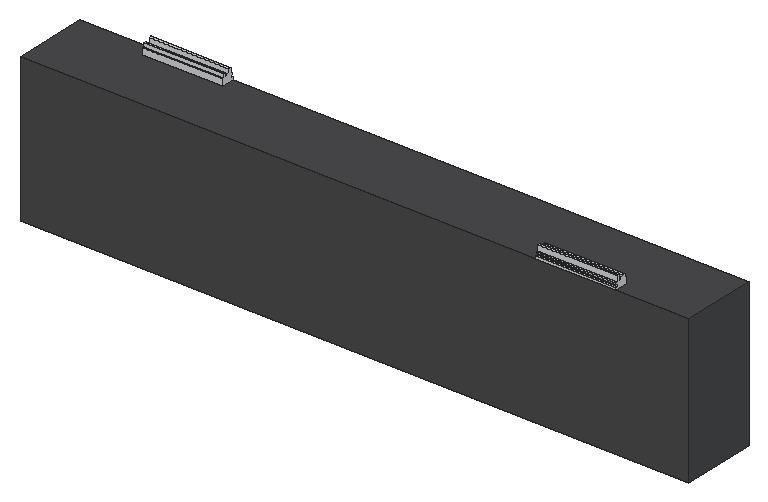
Revit family "DTM15U3.1.15", category Luminarias, Revit 2019
Family settings
  Cota de conector redondo = Diámetro de uso
  Tipo de pieza = Normal
  Se basa en plano de trabajo = Sí
  Siempre vertical = Sí
  Corte con vacíos al cargar = No
  Origen de luz = Sí
  Compartido = No
  Punto de cálculo de habitación = No
Parameters (values of type "RECTANGULAR DWN RIEL_DTM15U3.1.15")
  Ángulo de inclinación = 60.00°
  Zone [instance] = ""
  Watt per fixture = 15
  Wattage = 15 W
  built-in parameter 1150107 = 2700 (stored number, unit not read)
  built-in parameter 1150110 = 1 (stored number, unit not read)
  built-in parameter 1150109 = 1 (stored number, unit not read)
  built-in parameter 1150112 = 1 (stored number, unit not read)
  built-in parameter 1150113 = 1 (stored number, unit not read)
  built-in parameter 1114218 = 1 (stored number, unit not read)
  Keynote = ""
  built-in parameter 1150137 = (empty or 0)
  built-in parameter 1150132 = (empty or 0)
  Modelo = "DTM15U3.1.15"
  Lámpara = "3030SMD PHILIPS"
  built-in parameter 1150105 = 5215.7 (stored number, unit not read)
  built-in parameter 1150102 = (empty or 0)
  built-in parameter 1150106 = 52.157 (stored number, unit not read)
  Lumens = 1200 lm
  Color Filter = 16777215
  built-in parameter 1114217 = 1 (stored number, unit not read)
  built-in parameter 1150139 = (empty or 0)
  Fabricante = "BRILLANT"
  Default Elevation = 1219.2 mm
  built-in parameter 1150104 = 7.4322 (stored number, unit not read)
  Descripción = "LUMINARIA DOWNLIGHT EN FORMATO RECTANGULAR COMPATIBLE CON RIEL DE 6 ENTRADAS Y 3 CIRCUITOS, CUERPO DE ALUMINIO ACABADO EN COLOR NEGRO, IP 20, PESO 0.78Kg, TIPO DE LED 3030SMD PHILIPS CON 15W TOTAL, 1200 LUMENES, 80LM/W, IRC 90, TEMPERATURA EN BLANCO CALIDO 2700K, 50 MIL HORAS DE VIDA PROMEDIO, APERTURA DE 15 GRADOS POR PROYECTO, ALIMENTADO A 90-240V"
  built-in parameter 1150115 = 1 (stored number, unit not read)
  built-in parameter 1150114 = 1 (stored number, unit not read)
  Comentarios de vataje = "90-240V"
  built-in parameter 1150138 = (empty or 0)
  built-in parameter 1150134 = (empty or 0)
  Circuit [instance] = ""
  Dimming Lamp Color Temperature Shift = (empty or 0)
  Archivo de red fotométrica = "L328A-15W-827-B-15_IESNA95.IES"
  built-in parameter 1150133 = 10 (stored number, unit not read)
Reference planes
  plane 1 "Centro (Frontal/Posterior)": y = 0
  plane 2: z = 0
  plane 3 "Centro (Izquierda/Derecha)": x = 0
Forms (mm)
  Extrusion 1, solid, material "Default Form"
    sketch origin (0, 0, 0) x (1, 0, 0) y (0, 0, 1)
      loop
        line (-164, 0) -> (-164, -72) -> (164, -72) -> (164, 0) -> (-164, 0)
    from -18.326 to 18.326
  Extrusion 2, solid
    sketch origin (0, 0, 3.217) x (0, 1, 0) y (0, 0, 1)
      loop
        line (-12.149, -3.217) -> (-12.149, 0) -> (-12.935, 0) -> (-12.935, 1.637) -> (-13.796, 1.637) -> (-13.796, 0) -> (-14.582, 0) -> (-14.582, 0.811) -> (-15.443, 0.811) -> (-15.443, 0) -> (-16.233, 0) -> (-16.233, 2.691) -> (-17.279, 2.691) -> (-17.279, 0) -> (-18.061, 0) -> (-18.061, -0.861) -> (-17.162, -0.861) -> (-17.162, -2.042) -> (-18.326, -2.042) -> (-18.326, -3.217) -> (-12.149, -3.217)
    from 89.098 to 128.24
  Blend 3, void
    base sketch origin (0, 0, 0) x (1, 0, 0) y (0, 1, 0)
      loop
        line (-162, 16.149) -> (-162, -16.149) -> (-144.14, -16.149) -> (-144.14, 16.149) -> (-162, 16.149)
    top sketch origin (0, 0, 0) x (1, 0, 0) y (0, 1, 0)
      loop
        line (-160, 12.149) -> (-160, -12.149) -> (-146.14, -12.149) -> (-146.14, 12.149) -> (-160, 12.149)
    from -72 to -61.591
  Blend 4, void
    base sketch origin (21.86, 0, 0) x (1, 0, 0) y (0, 1, 0)
      loop
        line (-162, 16.149) -> (-162, -16.149) -> (-144.14, -16.149) -> (-144.14, 16.149) -> (-162, 16.149)
    top sketch origin (21.86, 0, 0) x (1, 0, 0) y (0, 1, 0)
      loop
        line (-160, 12.149) -> (-160, -12.149) -> (-146.14, -12.149) -> (-146.14, 12.149) -> (-160, 12.149)
    from -72 to -61.591
  Blend 5, void
    base sketch origin (43.72, 0, 0) x (1, 0, 0) y (0, 1, 0)
      loop
        line (-162, 16.149) -> (-162, -16.149) -> (-144.14, -16.149) -> (-144.14, 16.149) -> (-162, 16.149)
    top sketch origin (43.72, 0, 0) x (1, 0, 0) y (0, 1, 0)
      loop
        line (-160, 12.149) -> (-160, -12.149) -> (-146.14, -12.149) -> (-146.14, 12.149) -> (-160, 12.149)
    from -72 to -61.591
  Blend 6, void
    base sketch origin (65.58, 0, 0) x (1, 0, 0) y (0, 1, 0)
      loop
        line (-162, 16.149) -> (-162, -16.149) -> (-144.14, -16.149) -> (-144.14, 16.149) -> (-162, 16.149)
    top sketch origin (65.58, 0, 0) x (1, 0, 0) y (0, 1, 0)
      loop
        line (-160, 12.149) -> (-160, -12.149) -> (-146.14, -12.149) -> (-146.14, 12.149) -> (-160, 12.149)
    from -72 to -61.591
  Blend 7, void
    base sketch origin (87.44, 0, 0) x (1, 0, 0) y (0, 1, 0)
      loop
        line (-162, 16.149) -> (-162, -16.149) -> (-144.14, -16.149) -> (-144.14, 16.149) -> (-162, 16.149)
    top sketch origin (87.44, 0, 0) x (1, 0, 0) y (0, 1, 0)
      loop
        line (-160, 12.149) -> (-160, -12.149) -> (-146.14, -12.149) -> (-146.14, 12.149) -> (-160, 12.149)
    from -72 to -61.591
  Blend 8, void
    base sketch origin (109.3, 0, 0) x (1, 0, 0) y (0, 1, 0)
      loop
        line (-162, 16.149) -> (-162, -16.149) -> (-144.14, -16.149) -> (-144.14, 16.149) -> (-162, 16.149)
    top sketch origin (109.3, 0, 0) x (1, 0, 0) y (0, 1, 0)
      loop
        line (-160, 12.149) -> (-160, -12.149) -> (-146.14, -12.149) -> (-146.14, 12.149) -> (-160, 12.149)
    from -72 to -61.591
  Blend 9, void
    base sketch origin (131.16, 0, 0) x (1, 0, 0) y (0, 1, 0)
      loop
        line (-162, 16.149) -> (-162, -16.149) -> (-144.14, -16.149) -> (-144.14, 16.149) -> (-162, 16.149)
    top sketch origin (131.16, 0, 0) x (1, 0, 0) y (0, 1, 0)
      loop
        line (-160, 12.149) -> (-160, -12.149) -> (-146.14, -12.149) -> (-146.14, 12.149) -> (-160, 12.149)
    from -72 to -61.591
  Blend 10, void
    base sketch origin (153.02, 0, 0) x (1, 0, 0) y (0, 1, 0)
      loop
        line (-162, 16.149) -> (-162, -16.149) -> (-144.14, -16.149) -> (-144.14, 16.149) -> (-162, 16.149)
    top sketch origin (153.02, 0, 0) x (1, 0, 0) y (0, 1, 0)
      loop
        line (-160, 12.149) -> (-160, -12.149) -> (-146.14, -12.149) -> (-146.14, 12.149) -> (-160, 12.149)
    from -72 to -61.591
  Blend 11, void
    base sketch origin (174.88, 0, 0) x (1, 0, 0) y (0, 1, 0)
      loop
        line (-162, 16.149) -> (-162, -16.149) -> (-144.14, -16.149) -> (-144.14, 16.149) -> (-162, 16.149)
    top sketch origin (174.88, 0, 0) x (1, 0, 0) y (0, 1, 0)
      loop
        line (-160, 12.149) -> (-160, -12.149) -> (-146.14, -12.149) -> (-146.14, 12.149) -> (-160, 12.149)
    from -72 to -61.591
  Blend 12, void
    base sketch origin (196.74, 0, 0) x (1, 0, 0) y (0, 1, 0)
      loop
        line (-162, 16.149) -> (-162, -16.149) -> (-144.14, -16.149) -> (-144.14, 16.149) -> (-162, 16.149)
    top sketch origin (196.74, 0, 0) x (1, 0, 0) y (0, 1, 0)
      loop
        line (-160, 12.149) -> (-160, -12.149) -> (-146.14, -12.149) -> (-146.14, 12.149) -> (-160, 12.149)
    from -72 to -61.591
  Blend 13, void
    base sketch origin (218.6, 0, 0) x (1, 0, 0) y (0, 1, 0)
      loop
        line (-162, 16.149) -> (-162, -16.149) -> (-144.14, -16.149) -> (-144.14, 16.149) -> (-162, 16.149)
    top sketch origin (218.6, 0, 0) x (1, 0, 0) y (0, 1, 0)
      loop
        line (-160, 12.149) -> (-160, -12.149) -> (-146.14, -12.149) -> (-146.14, 12.149) -> (-160, 12.149)
    from -72 to -61.591
  Blend 14, void
    base sketch origin (240.46, 0, 0) x (1, 0, 0) y (0, 1, 0)
      loop
        line (-162, 16.149) -> (-162, -16.149) -> (-144.14, -16.149) -> (-144.14, 16.149) -> (-162, 16.149)
    top sketch origin (240.46, 0, 0) x (1, 0, 0) y (0, 1, 0)
      loop
        line (-160, 12.149) -> (-160, -12.149) -> (-146.14, -12.149) -> (-146.14, 12.149) -> (-160, 12.149)
    from -72 to -61.591
  Blend 15, void
    base sketch origin (262.32, 0, 0) x (1, 0, 0) y (0, 1, 0)
      loop
        line (-162, 16.149) -> (-162, -16.149) -> (-144.14, -16.149) -> (-144.14, 16.149) -> (-162, 16.149)
    top sketch origin (262.32, 0, 0) x (1, 0, 0) y (0, 1, 0)
      loop
        line (-160, 12.149) -> (-160, -12.149) -> (-146.14, -12.149) -> (-146.14, 12.149) -> (-160, 12.149)
    from -72 to -61.591
  Blend 16, void
    base sketch origin (284.18, 0, 0) x (1, 0, 0) y (0, 1, 0)
      loop
        line (-162, 16.149) -> (-162, -16.149) -> (-144.14, -16.149) -> (-144.14, 16.149) -> (-162, 16.149)
    top sketch origin (284.18, 0, 0) x (1, 0, 0) y (0, 1, 0)
      loop
        line (-160, 12.149) -> (-160, -12.149) -> (-146.14, -12.149) -> (-146.14, 12.149) -> (-160, 12.149)
    from -72 to -61.591
  Blend 17, void
    base sketch origin (306.04, 0, 0) x (1, 0, 0) y (0, 1, 0)
      loop
        line (-162, 16.149) -> (-162, -16.149) -> (-144.14, -16.149) -> (-144.14, 16.149) -> (-162, 16.149)
    top sketch origin (306.04, 0, 0) x (1, 0, 0) y (0, 1, 0)
      loop
        line (-160, 12.149) -> (-160, -12.149) -> (-146.14, -12.149) -> (-146.14, 12.149) -> (-160, 12.149)
    from -72 to -61.591
  Extrusion 18, solid
    sketch origin (0, 0, 3.217) x (0, -1, 0) y (0, 0, 1)
      loop
        line (-12.149, -3.217) -> (-12.149, 0) -> (-12.935, 0) -> (-12.935, 1.637) -> (-13.796, 1.637) -> (-13.796, 0) -> (-14.582, 0) -> (-14.582, 0.811) -> (-15.443, 0.811) -> (-15.443, 0) -> (-16.233, 0) -> (-16.233, 2.691) -> (-17.279, 2.691) -> (-17.279, 0) -> (-18.061, 0) -> (-18.061, -0.861) -> (-17.162, -0.861) -> (-17.162, -2.042) -> (-18.326, -2.042) -> (-18.326, -3.217) -> (-12.149, -3.217)
    from 89.098 to 128.24
Cuts and joins
  Blend 3, Blend 4, Blend 5, Blend 6, Blend 7, Blend 8, Blend 9, Blend 10, Blend 11, Blend 12, Blend 13, Blend 14, Blend 15, Blend 16, Blend 17 cuts Extrusion 1
Dimensions and locks
  equal spacing: Extrusion 1, plane 1 "Centro (Frontal/Posterior)", Extrusion 1
  Extrusion 1 to plane 1 "Centro (Frontal/Posterior)" = 18.326 mm
  Extrusion 1 to Extrusion 1 = 36.651 mm
  Extrusion 1 to Extrusion 1 = 72 mm
  Extrusion 1 to Extrusion 1 = 328 mm
  equal spacing: group 1, group 2, group 3, group 4, group 5, group 6, group 7, group 8, group 9, group 10, group 11, group 12, group 13, group 14  (x3)
  cut or joined group 1 (Extrusion 1, Blend 3, Blend 4, Blend 5, Blend 6, Blend 7, Blend 8, Blend 9, Blend 10, Blend 11, Blend 12, Blend 13, Blend 14, Blend 15, Blend 16, Blend 17) to cut or joined group 1 = 72 mm
  cut or joined group 1 to cut or joined group 1 = 36.651 mm
  cut or joined group 1 to cut or joined group 1 = 328 mm
  equal spacing: cut or joined group 1, plane 1 "Centro (Frontal/Posterior)", cut or joined group 1
  aligned and locked: level to plane 2
Automatic sketch dimensions
  Blend 4 sketch curve to Blend 4 sketch curve = 17.86 mm
  Blend 4 sketch curve to Blend 4 sketch curve = 13.86 mm
  Blend 4 sketch curve to Blend 4 sketch curve = 32.298 mm
  Blend 4 sketch curve to Blend 4 sketch curve = 24.298 mm
  Blend 5 sketch curve to Blend 5 sketch curve = 17.86 mm
  Blend 5 sketch curve to Blend 5 sketch curve = 13.86 mm
  Blend 5 sketch curve to Blend 5 sketch curve = 32.298 mm
  Blend 5 sketch curve to Blend 5 sketch curve = 24.298 mm
  Blend 6 sketch curve to Blend 6 sketch curve = 17.86 mm
  Blend 6 sketch curve to Blend 6 sketch curve = 13.86 mm
  Blend 6 sketch curve to Blend 6 sketch curve = 32.298 mm
  Blend 6 sketch curve to Blend 6 sketch curve = 24.298 mm
  Blend 7 sketch curve to Blend 7 sketch curve = 17.86 mm
  Blend 7 sketch curve to Blend 7 sketch curve = 13.86 mm
  Blend 7 sketch curve to Blend 7 sketch curve = 32.298 mm
  Blend 7 sketch curve to Blend 7 sketch curve = 24.298 mm
  Blend 8 sketch curve to Blend 8 sketch curve = 17.86 mm
  Blend 8 sketch curve to Blend 8 sketch curve = 13.86 mm
  Blend 8 sketch curve to Blend 8 sketch curve = 32.298 mm
  Blend 8 sketch curve to Blend 8 sketch curve = 24.298 mm
  Blend 9 sketch curve to Blend 9 sketch curve = 17.86 mm
  Blend 9 sketch curve to Blend 9 sketch curve = 13.86 mm
  Blend 9 sketch curve to Blend 9 sketch curve = 32.298 mm
  Blend 9 sketch curve to Blend 9 sketch curve = 24.298 mm
  Blend 10 sketch curve to Blend 10 sketch curve = 17.86 mm
  Blend 10 sketch curve to Blend 10 sketch curve = 13.86 mm
  Blend 10 sketch curve to Blend 10 sketch curve = 32.298 mm
  Blend 10 sketch curve to Blend 10 sketch curve = 24.298 mm
  Blend 11 sketch curve to Blend 11 sketch curve = 17.86 mm
  Blend 11 sketch curve to Blend 11 sketch curve = 13.86 mm
  Blend 11 sketch curve to Blend 11 sketch curve = 32.298 mm
  Blend 11 sketch curve to Blend 11 sketch curve = 24.298 mm
  Blend 12 sketch curve to Blend 12 sketch curve = 17.86 mm
  Blend 12 sketch curve to Blend 12 sketch curve = 13.86 mm
  Blend 12 sketch curve to Blend 12 sketch curve = 32.298 mm
  Blend 12 sketch curve to Blend 12 sketch curve = 24.298 mm
  Blend 13 sketch curve to Blend 13 sketch curve = 17.86 mm
  Blend 13 sketch curve to Blend 13 sketch curve = 13.86 mm
  Blend 13 sketch curve to Blend 13 sketch curve = 32.298 mm
  Blend 13 sketch curve to Blend 13 sketch curve = 24.298 mm
  Blend 14 sketch curve to Blend 14 sketch curve = 17.86 mm
  Blend 14 sketch curve to Blend 14 sketch curve = 13.86 mm
  Blend 14 sketch curve to Blend 14 sketch curve = 32.298 mm
  Blend 14 sketch curve to Blend 14 sketch curve = 24.298 mm
  Blend 15 sketch curve to Blend 15 sketch curve = 17.86 mm
  Blend 15 sketch curve to Blend 15 sketch curve = 13.86 mm
  Blend 15 sketch curve to Blend 15 sketch curve = 32.298 mm
  Blend 15 sketch curve to Blend 15 sketch curve = 24.298 mm
  Blend 16 sketch curve to Blend 16 sketch curve = 17.86 mm
  Blend 16 sketch curve to Blend 16 sketch curve = 13.86 mm
  Blend 16 sketch curve to Blend 16 sketch curve = 32.298 mm
  Blend 16 sketch curve to Blend 16 sketch curve = 24.298 mm
  Blend 17 sketch curve to Blend 17 sketch curve = 17.86 mm
  Blend 17 sketch curve to Blend 17 sketch curve = 13.86 mm
  Blend 17 sketch curve to Blend 17 sketch curve = 32.298 mm
  Blend 17 sketch curve to Blend 17 sketch curve = 24.298 mm
  Extrusion 1 sketch curve to level = 0 mm
  Extrusion 1 sketch curve to level = 72 mm
  Extrusion 1 sketch curve to plane 3 "Centro (Izquierda/Derecha)" = 164 mm
  plane 3 "Centro (Izquierda/Derecha)" to Extrusion 1 sketch curve = 164 mm
  Blend 3 sketch curve to plane 1 "Centro (Frontal/Posterior)" = 16.149 mm
  Blend 3 sketch curve to plane 3 "Centro (Izquierda/Derecha)" = 162 mm
  Blend 3 sketch curve to Blend 3 sketch curve = 17.86 mm
  plane 1 "Centro (Frontal/Posterior)" to Blend 3 sketch curve = 16.149 mm
  Blend 3 sketch curve to plane 1 "Centro (Frontal/Posterior)" = 12.149 mm
  Blend 3 sketch curve to plane 3 "Centro (Izquierda/Derecha)" = 160 mm
  Blend 3 sketch curve to Blend 3 sketch curve = 13.86 mm
  plane 1 "Centro (Frontal/Posterior)" to Blend 3 sketch curve = 12.149 mm
  Extrusion 18 sketch curve to level = 0 mm
  level to Extrusion 18 sketch curve = 1.175 mm
  Extrusion 18 sketch curve to plane 1 "Centro (Frontal/Posterior)" = 18.326 mm
  Extrusion 18 sketch curve to Extrusion 18 sketch curve = 0.265 mm
  Extrusion 18 sketch curve to Extrusion 18 sketch curve = 0.782 mm
  Extrusion 18 sketch curve to Extrusion 18 sketch curve = 1.164 mm
  Extrusion 18 sketch curve to Extrusion 18 sketch curve = 1.046 mm
  Extrusion 18 sketch curve to Extrusion 18 sketch curve = 0.789 mm
  Extrusion 18 sketch curve to Extrusion 18 sketch curve = 0.861 mm  (x3)
  Extrusion 18 sketch curve to Extrusion 18 sketch curve = 0.786 mm
  Extrusion 18 sketch curve to Extrusion 18 sketch curve = 0.785 mm
  Extrusion 18 sketch curve to Extrusion 18 sketch curve = 1.181 mm
  level to Extrusion 18 sketch curve = 3.217 mm
  Extrusion 18 sketch curve to Extrusion 18 sketch curve = 0 mm  (x2)
  Extrusion 18 sketch curve to Extrusion 18 sketch curve = 0.811 mm
  Extrusion 18 sketch curve to Extrusion 18 sketch curve = 0.826 mm
  Extrusion 18 sketch curve to Extrusion 18 sketch curve = 1.88 mm
  Extrusion 2 sketch curve to level = 0 mm
  level to Extrusion 2 sketch curve = 1.175 mm
  plane 1 "Centro (Frontal/Posterior)" to Extrusion 2 sketch curve = 18.326 mm
  Extrusion 2 sketch curve to Extrusion 2 sketch curve = 0.265 mm
  Extrusion 2 sketch curve to Extrusion 2 sketch curve = 0.782 mm
  Extrusion 2 sketch curve to Extrusion 2 sketch curve = 0.117 mm
  Extrusion 2 sketch curve to Extrusion 2 sketch curve = 1.046 mm
  Extrusion 2 sketch curve to Extrusion 2 sketch curve = 0.789 mm
  Extrusion 2 sketch curve to Extrusion 2 sketch curve = 0.861 mm  (x3)
  Extrusion 2 sketch curve to Extrusion 2 sketch curve = 0.786 mm
  Extrusion 2 sketch curve to Extrusion 2 sketch curve = 0.785 mm
  Extrusion 2 sketch curve to Extrusion 2 sketch curve = 1.181 mm
  Extrusion 2 sketch curve to Extrusion 2 sketch curve = 3.217 mm
  Extrusion 2 sketch curve to Extrusion 2 sketch curve = 0 mm  (x2)
  Extrusion 2 sketch curve to Extrusion 2 sketch curve = 0.811 mm
  Extrusion 2 sketch curve to Extrusion 2 sketch curve = 0.826 mm
  Extrusion 2 sketch curve to Extrusion 2 sketch curve = 1.88 mm
Connectors
  electrical at (0, 0, 0)
    settings: on cut or joined group 1, index 1, voltage 240 V, apparent load 0 VA, apparent load phase1 0 VA, apparent load phase2 0 VA, apparent load phase3 0 VA, power factor 1, load classification "Otro", number of poles 1, system type 31, power factor state 1, is connector primary yes, connector utility no, sub classification motor no, connector description ""
